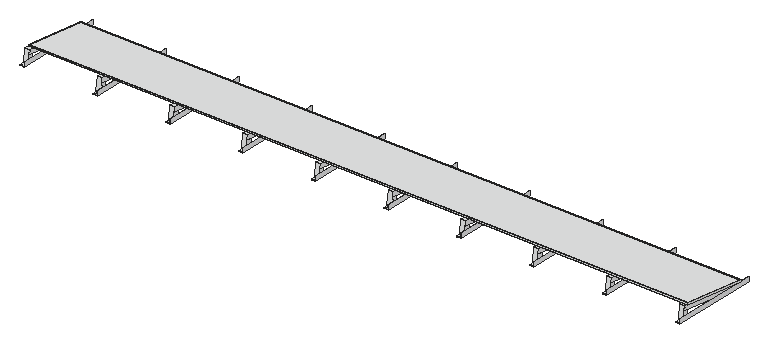
Revit family "Walkway_Kattsafe_Aluminium_Levelled", category Specialty Equipment, Revit 2025
Family settings
  Round Connector Dimension = Use Diameter
  Part Type = Normal
  OmniClass Number = 23.13.41.19
  Enable Cutting in Views = No
  Cut with Voids When Loaded = No
  Maintain Annotation Orientation = No
  Shared = No
  Room Calculation Point = No
Parameters (values of type "Type 1")
  WalkwayWidth = 600 mm  # constant formula
  WalkwayMaterial = Aluminum_Kattsafe_Mesh_Walkway
  WalkwayAngleEnd2 [instance] = 0.00°
  WalkwayAngleEnd1 [instance] = 0.00°
  Uniclass2015Version = "Products v1.23"
  Uniclass2015Title = "Working platforms"
  Uniclass2015Code = "Pr_40_70_75_96"
  URL = "https://kattsafe.com.au/"
  Type IFC Predefined Type = "USERDEFINED"
  Type Comments = "Aluminium Walkway - Levelled"
  SafetyDisclaimer [instance] = "WARNING! The correct placement of access, fall protection and facade maintenance systems is critical to ensure it is fit-for-purpose and safe for the operator to use. Did you know Kattsafe® have a dedicated team of Height Safety System Design Specialists? Kattsafe® provide one-on-one consultation and system design assistance to ensure you are meeting the stringent requirements of height safety and to give you PEACE OF MIND with your project."  # constant formula
  RoofPitchCalc [instance] = if(1 = 1, RoofPitch + 90.00°, 0.00°)  # 97.00°
  RoofPitch [instance] = 7.00°
  ModifiedIssue = 20240430
  Model = "GW9"
  FrameMaterial = Aluminum_Kattsafe_Satin
  ManufacturerURLProductSpecific = "https://kattsafe.com.au/products/guardrails-walkway/guardrail-only-gw"
  ManufacturerSpecCode = Model  # "GW9"
  ManufacturerOverallWidth = WalkwayWidth + 180 mm  # 780 mm
  ManufacturerOverallLength [instance] = [built-in parameter 1001306]  # 6000 mm
  Manufacturer = "Kattsafe®"  # constant formula
  built-in parameter 1001306 [instance] = 6000 mm
  IfcExportType = "USERDEFINED"
  IfcExportAs = "IfcBuildingElementProxy"
  Export Type to IFC As = "IfcBuildingElementProxy"
  ElementType = "Roof Walkway"
  Description = "Kattsafe guardrail systems are the preferred method of safe access across roofs and areas close to a fall edge. The system requires no specialist PPE, personnel or training to safely prevent a fall with a walkway to designate a safe path of access across the roof surface."  # constant formula
  Default Elevation = 0 mm
  CreatedBy = "IGS BIM Solutions"  # constant formula
  CreatedByURL = "https://igsgroup.com.au"
  BattensSingleOption [instance] = if(and(BattensArrayNumberOf < 2, [built-in parameter 1001306] > 669 mm), 1 > 0, 1 < 0)  # no
  BattensOffsetLength [instance] = ([built-in parameter 1001306] - 30 mm) / (BattensArrayNumberOf + 1)  # 663.333 mm
  BattensEnd2Option [instance] = if(WalkwayAngleEnd2 > 0.00°, 1 < 0, 1 > 0)  # yes
  BattensArrayOption [instance] = if(BattensArrayNumberOf < 2, 1 < 0, 1 > 0)  # yes
  BattensArrayNumberOfCalc3 [instance] = if(BattensArrayNumberOf < 2, 2, BattensArrayNumberOf)  # 8
  BattensArrayNumberOf [instance] = if(BattensArrayNumberOfCalc2 < BattensArrayNumberOfCalc, rounddown(BattensArrayNumberOfCalc2), BattensArrayNumberOfCalc)  # 8
  BattensArrayNumberOfCalc2 [instance] = if(1 = 1, [built-in parameter 1001306] / 670 mm, 0)  # 8.9552
  BattensArrayNumberOfCalc [instance] = if(1 = 1, [built-in parameter 1001306] / 670 mm, 0)  # 9
  BattensActualNumberOf [instance] = BattensArrayNumberOf + 2  # 10
  BattensEnd1Option [instance] = if(WalkwayAngleEnd1 > 0.00°, 1 < 0, 1 > 0)  # yes
  Assembly Code = "E1090100"
Reference planes
  plane 1 "Walkway_Front": y = 0
  plane 2 "Bottom": z = 0
  plane 3 "Left": x = 0
  plane 4 "Right": x = 6000
  plane 5 "Walkway_Bottom": z = 40
  plane 6 "Center (Left/Right)": x = 3000
  plane 7 "Left_Calc": x = 0
  plane 8 "Right_Calc": x = 6000
  plane 9 "Front": y = -82
  plane 10 "Batten_Array_Left": x = 663.333
  plane 11 "Batten_Array_Right": x = 5336.667
  plane 12 "Back": y = 698
  plane 13 "Batten_Angled_Bottom": y = -40
Lines and regions (mm)
  reference lines
    curve 1: line (0, 0, 0) -> (6000, 0, 0)
    curve 2: line (0, 0, 0) -> (0.961, 0, 0)
    curve 3: line (6000, 0, 0) -> (5998.961, 0, 0)
    curve 4: line (0, -40, 0) -> (0, -25.542, 117.753)
    curve 5: line (0, 607.703, 40) -> (0, -25.542, 117.753)
Text (mm)
  text "Disclaimer:\nDue to ongoing product development and manufacturing \nevolution, product details are subject to change without \nnotice. Please refer to product technical data sheets on \nthe manufacturers website for the most current product \ninformation. Please allow a +/- 5mm manufacturing \ntolerance for dimensions and set-outs shown in product \nliterature." at (8280.43, 2349.183, 0), in view "Ref. Level"
Dimensions and locks
  "built-in parameter 1001306": plane 3 "Left" to plane 4 "Right"
  equal spacing: plane 3 "Left", plane 6 "Center (Left/Right)", plane 4 "Right"
  locked: plane 5 "Walkway_Bottom" to plane 2 "Bottom" at 40
  locked: plane 3 "Left" to plane 7 "Left_Calc"
  locked: plane 8 "Right_Calc" to plane 4 "Right"
  "BattensOffsetLength": plane 7 "Left_Calc" to plane 10 "Batten_Array_Left"
  "BattensOffsetLength": plane 4 "Right" to plane 11 "Batten_Array_Right"
  equal spacing: group 1, group 3, group 4, group 5, group 6, group 7, group 8, group 2  (x2)
  equal spacing: group 2, group 8, group 7, group 6, group 5, group 4, group 3, group 1
  "ManufacturerOverallWidth": plane 12 "Back" to plane 9 "Front"
  locked: curve 4 to curve 5 at 638
  locked: curve 4 to nested 12 at 38
  locked: plane 1 "Walkway_Front" to plane 13 "Batten_Angled_Bottom" at 40
  locked: plane 13 "Batten_Angled_Bottom" to plane 9 "Front" at 42
  "RoofPitchCalc": angle plane 2 "Bottom" to curve 4
  "RoofPitch": angle plane 5 "Walkway_Bottom" to curve 5
  aligned and locked: plane 4 "Right" to curve 1
  aligned and locked: plane 1 "Walkway_Front" to curve 1
  aligned and locked: plane 3 "Left" to curve 1
  aligned and locked: level to plane 2 "Bottom"
  aligned and locked: plane 4 "Right" to curve 3
  aligned and locked: plane 2 "Bottom" to nested 1
  aligned and locked: plane 2 "Bottom" to nested 2
  aligned and locked: plane 2 "Bottom" to nested 3
  aligned and locked: plane 7 "Left_Calc" to nested 2
  aligned and locked: plane 10 "Batten_Array_Left" to nested 1
  aligned and locked: plane 8 "Right_Calc" to nested 3
  aligned and locked: plane 11 "Batten_Array_Right" to nested 5
  aligned and locked: plane 10 "Batten_Array_Left" to nested 4
  aligned and locked: plane 1 "Walkway_Front" to nested 2
  aligned and locked: plane 1 "Walkway_Front" to nested 4
  aligned and locked: plane 1 "Walkway_Front" to nested 1
  aligned and locked: plane 1 "Walkway_Front" to nested 5
  aligned and locked: plane 1 "Walkway_Front" to nested 3
  aligned and locked: plane 5 "Walkway_Bottom" to curve 5
  aligned and locked: plane 13 "Batten_Angled_Bottom" to curve 4
  aligned and locked: plane 2 "Bottom" to curve 4
  aligned and locked: plane 7 "Left_Calc" to nested 12
  aligned and locked: plane 8 "Right_Calc" to nested 12
Automatic sketch dimensions
  plane 3 "Left" to curve 2 = 0.961 mm
  curve 3 to plane 4 "Right" = 1.039 mm
  curve 2 to plane 3 "Left" = 0 mm
  plane 1 "Walkway_Front" to curve 3 = 0 mm
  plane 1 "Walkway_Front" to curve 2 = 0 mm
Nested families
  nested 1: "z_Walkway_LevelledBatten_Kattsafe" at (709.118, -2, 0), visible <- "BattensArrayOption", RoofPitch <- "RoofPitch", Material <- "FrameMaterial", type "GW324"
    with RoofPitch_Calc 97.00°, RoofPitch 7.00°, Material Aluminum_Kattsafe_Satin
  nested 2: "z_Walkway_LevelledBatten_Kattsafe" at (45.785, -2, 0), RoofPitch <- "RoofPitch", visible <- "BattensEnd1Option", Material <- "FrameMaterial", type "GW324"
    with RoofPitch_Calc 97.00°, RoofPitch 7.00°, Material Aluminum_Kattsafe_Satin
  nested 3: "z_Walkway_LevelledBatten_Kattsafe" at (6005.785, -2, 0), RoofPitch <- "RoofPitch", visible <- "BattensEnd2Option", Material <- "FrameMaterial", type "GW324"
    with RoofPitch_Calc 97.00°, RoofPitch 7.00°, Material Aluminum_Kattsafe_Satin
  nested 4: "z_Walkway_LevelledBatten_Kattsafe" at (709.118, -2, 0), visible <- "BattensSingleOption", RoofPitch <- "RoofPitch", Material <- "FrameMaterial", type "GW324"
    with RoofPitch_Calc 97.00°, RoofPitch 7.00°, Material Aluminum_Kattsafe_Satin
  nested 5: "z_Walkway_LevelledBatten_Kattsafe" at (5342.451, -2, 0), visible <- "BattensArrayOption", RoofPitch <- "RoofPitch", Material <- "FrameMaterial", type "GW324"
    with RoofPitch_Calc 97.00°, RoofPitch 7.00°, Material Aluminum_Kattsafe_Satin
  nested 6: "z_Walkway_LevelledBatten_Kattsafe" at (1371.023, -2, 0), visible <- "BattensArrayOption", RoofPitch <- "RoofPitch", Material <- "FrameMaterial", type "GW324"
    with RoofPitch_Calc 97.00°, RoofPitch 7.00°, Material Aluminum_Kattsafe_Satin
  nested 7: "z_Walkway_LevelledBatten_Kattsafe" at (2032.927, -2, 0), visible <- "BattensArrayOption", RoofPitch <- "RoofPitch", Material <- "FrameMaterial", type "GW324"
    with RoofPitch_Calc 97.00°, RoofPitch 7.00°, Material Aluminum_Kattsafe_Satin
  nested 8: "z_Walkway_LevelledBatten_Kattsafe" at (2694.832, -2, 0), visible <- "BattensArrayOption", RoofPitch <- "RoofPitch", Material <- "FrameMaterial", type "GW324"
    with RoofPitch_Calc 97.00°, RoofPitch 7.00°, Material Aluminum_Kattsafe_Satin
  nested 9: "z_Walkway_LevelledBatten_Kattsafe" at (3356.737, -2, 0), visible <- "BattensArrayOption", RoofPitch <- "RoofPitch", Material <- "FrameMaterial", type "GW324"
    with RoofPitch_Calc 97.00°, RoofPitch 7.00°, Material Aluminum_Kattsafe_Satin
  nested 10: "z_Walkway_LevelledBatten_Kattsafe" at (4018.642, -2, 0), visible <- "BattensArrayOption", RoofPitch <- "RoofPitch", Material <- "FrameMaterial", type "GW324"
    with RoofPitch_Calc 97.00°, RoofPitch 7.00°, Material Aluminum_Kattsafe_Satin
  nested 11: "z_Walkway_LevelledBatten_Kattsafe" at (4680.546, -2, 0), visible <- "BattensArrayOption", RoofPitch <- "RoofPitch", Material <- "FrameMaterial", type "GW324"
    with RoofPitch_Calc 97.00°, RoofPitch 7.00°, Material Aluminum_Kattsafe_Satin
  nested 12: "z_Walkway_Kattsafe_Aluminium" at (25.785, 309.939, 76.561) x (1, 0, 0) z (0, 0.1219, 0.9925), ManufacturerOverallWidth <- "WalkwayWidth", Material <- "FrameMaterial", End1_Angle <- "WalkwayAngleEnd1", End2_Angle <- "WalkwayAngleEnd2", WalkwayMaterial <- "WalkwayMaterial", type "GW335.6000"
    with WalkwayMaterial Aluminum_Kattsafe_Mesh_Walkway, Material Aluminum_Kattsafe_Satin, ManufacturerOverallWidth 600 mm, ManufacturerOverallLength 6000 mm, End2_Angle_Calc 90.00°, End2_Angle 0.00°, End1_Angle_Calc 90.00°, End1_Angle 0.00°
Definition of nested family "z_Walkway_LevelledBatten_Kattsafe"
  Parameters (values of type "GW324")
    URL = "https://kattsafe.com.au/"
    Type Comments = ""
    RoofPitch_Calc [instance] = if(1 = 1, RoofPitch + 90.00°, 0.00°)  # 110.00°
    RoofPitch [instance] = 20.00°
    ModifiedIssue = 20190910
    Model = "GW324S"
    Material [instance] = none
    ManufacturerURLProductSpecific = ""
    ManufacturerSpecCode = Model  # "GW324S"
    ManufacturerOverallWidth = 40 mm
    ManufacturerOverallDepth = 780 mm  # constant formula
    Manufacturer = "SAYFA"  # constant formula
    Keynote = ""
    Description = "Pace 600 Walkway Support Batten (Levelled)"
    Default Elevation = 0 mm  # constant formula
    CreatedBy = "IGS BIM Solutions"  # constant formula
    CreatedByURL = "https://igsgroup.com.au"
  Reference planes
    plane 1 "Bottom": z = 0
    plane 2 "Post_Back": y = 2
    plane 3 "Post_Front": y = -38
    plane 4 "Center (Left/Right)": x = -25.785
    plane 5 "Front": y = -80
    plane 6 "Base Channel_Top": z = 40
    plane 7 "Post_Centre (Front/Back)": y = -18
    plane 8 "Left": x = -45.785
    plane 9 "Right": x = -5.785
    plane 10 "Back": y = 700
  Forms (mm)
    Sweep 1, solid, material <- "Material"
      path origin (-25.785, 0, 0) x (0, 1, 0) y (0, 0, 1)
        loop
          line (700, 40) -> (-80, 40)
      profile origin (-25.785, 310, 40) x (0, 0, -1) y (1, 0, 0)
        loop
          line (40, -20) -> (40, 20) -> (0, 20) -> (0, 17) -> (37, 17) -> (37, -20) -> (40, -20)
    Sweep 2, solid, material <- "Material"
      path origin (-25.785, 0, 0) x (0, 1, 0) y (0, 0, 1)
        loop
          line (-39.042, -2.863) -> (55.98, 258.209)
      profile origin (-25.785, 8.469, 127.673) x (0, -0.939693, 0.34202) y (1, 0, 0)
        loop
          line (0, 14) -> (-40, 14) -> (-40, 11) -> (-3, 11) -> (-3, -26) -> (0, -26) -> (0, 14)
    SweptBlend 3, solid, material <- "Material"
      path origin (-25.785, 0, 0) x (0, 1, 0) y (0, 0, 1)
        loop
          line (655.504, 40) -> (55.98, 258.209)
      profile origin (-25.785, 655.504, 40) x (0, -0.34202, -0.939693) y (1, 0, 0)
        loop
          line (0, -23) -> (3, -23) -> (3, 14) -> (40, 14) -> (40, 17) -> (0, 17) -> (0, -23)
      end profile origin (-25.785, 55.98, 258.209) x (0, -0.34202, -0.939693) y (1, 0, 0)
        loop
          line (0, -23) -> (3, -23) -> (3, 14) -> (40, 14) -> (40, 17) -> (0, 17) -> (0, -23)
    Extrusion 4, void
      sketch origin (-25.785, 0, 0) x (0, 1, 0) y (0, 0, 1)
        loop
          line (700, 3) -> (-80, 3) -> (-80, -39.463) -> (700, -39.463) -> (700, 3)
      from -69.456 to 20
  Cuts and joins
    Extrusion 4 cuts Sweep 2
    joined: Sweep 2, SweptBlend 3
  Lines and regions (mm)
    reference lines
      curve 1: line (-25.785, -38, 0) -> (-25.785, 55.98, 258.209)
      curve 2: line (-25.785, 655.504, 40) -> (-25.785, 55.98, 258.209)
  Dimensions and locks
    plane 6 "Base Channel_Top" to plane 1 "Bottom" = 40 mm
    equal spacing: plane 3 "Post_Front", plane 7 "Post_Centre (Front/Back)", plane 2 "Post_Back"
    equal spacing: plane 8 "Left", plane 4 "Center (Left/Right)", plane 9 "Right"
    "ManufacturerOverallWidth": plane 8 "Left" to plane 9 "Right"
    locked: plane 3 "Post_Front" to plane 5 "Front" at 42
    locked: plane 2 "Post_Back" to plane 3 "Post_Front" at 40
    locked: curve 1 to curve 2 at 638
    locked: curve 1 to SweptBlend 3 sketch curve at 0
    locked: Sweep 1 sketch curve to plane 9 "Right" at 3
    locked: Sweep 1 sketch curve to plane 1 "Bottom" at 3
    locked: curve 1 to Sweep 2 sketch curve at 3.046
    "ManufacturerOverallDepth": plane 10 "Back" to plane 5 "Front"
    locked: Sweep 2 sketch curve to curve 2 at 0
    locked: Extrusion 4 sketch curve to plane 1 "Bottom" at 3
    locked: plane 1 "Bottom" to Extrusion 4 sketch curve at 39.463
    "RoofPitch_Calc": angle plane 1 "Bottom" to curve 1
    "RoofPitch": angle plane 1 "Bottom" to curve 2
    aligned and locked: level to plane 1 "Bottom"
    aligned and locked: plane 10 "Back" to Sweep 1 sketch curve
    aligned and locked: plane 3 "Post_Front" to curve 1
    aligned and locked: plane 1 "Bottom" to curve 1
    aligned and locked: Sweep 2 sketch curve to curve 1
    aligned and locked: profile plane to Sweep 2 sketch curve
    aligned and locked: plane 6 "Base Channel_Top" to curve 2
    aligned and locked: SweptBlend 3 sketch curve to curve 2
    aligned and locked: plane 8 "Left" to Sweep 1 sketch curve
    aligned and locked: Sweep 1 sketch curve to plane 6 "Base Channel_Top"
    aligned and locked: Sweep 1 sketch curve to plane 9 "Right"
    aligned and locked: plane 5 "Front" to Extrusion 4 sketch curve
    aligned and locked: Extrusion 4 sketch curve to plane 10 "Back"
  Automatic sketch dimensions
    Sweep 1 sketch curve to plane 5 "Front" = 0 mm
    plane 6 "Base Channel_Top" to Sweep 1 sketch curve = 0 mm
    Sweep 1 sketch curve to Sweep 1 sketch curve = 3 mm
    profile plane to Sweep 2 sketch curve = 3 mm
    plane 4 "Center (Left/Right)" to Sweep 2 sketch curve = 11 mm
    Sweep 2 sketch curve to Sweep 2 sketch curve = 37 mm
    Sweep 2 sketch curve to plane 4 "Center (Left/Right)" = 26 mm
    Sweep 2 sketch curve to Sweep 2 sketch curve = 3 mm
    SweptBlend 3 sketch curve to profile plane = 0 mm
    SweptBlend 3 sketch curve to profile plane = 3 mm  (x2)
    SweptBlend 3 sketch curve to SweptBlend 3 sketch curve = 37 mm  (x2)
    SweptBlend 3 sketch curve to plane 4 "Center (Left/Right)" = 23 mm  (x2)
    plane 4 "Center (Left/Right)" to SweptBlend 3 sketch curve = 14 mm  (x2)
    SweptBlend 3 sketch curve to SweptBlend 3 sketch curve = 3 mm  (x2)
    profile plane to SweptBlend 3 sketch curve = 0 mm
    plane 6 "Base Channel_Top" to SweptBlend 3 sketch curve = 0 mm
Definition of nested family "z_Walkway_Kattsafe_Aluminium"
  Parameters (values of type "GW335.6000")
    WalkwayMaterial [instance] = none
    URL = "https://kattsafe.com.au/"
    Type Comments = ""
    ModifiedIssue = 20190911
    Model = "GW335.6000"
    Material [instance] = none
    ManufacturerURLProductSpecific = ""
    ManufacturerSpecCode = Model  # "GW335.6000"
    ManufacturerOverallWidth [instance] = 600 mm
    ManufacturerOverallLength [instance] = 6000 mm
    ManufacturerOverallHeight = 13 mm  # constant formula
    Manufacturer = "SAYFA"  # constant formula
    Keynote = ""
    End2_Angle_Calc [instance] = if(1 = 1, End2_Angle + 90.00°, 0.00°)  # 90.00°
    End2_Angle [instance] = 0.00°
    End1_Angle_Calc [instance] = if(1 = 1, End1_Angle + 90.00°, 0.00°)  # 90.00°
    End1_Angle [instance] = 0.00°
    Description = "Pace 600 Aluminium Walkway Mesh"
    Default Elevation = 0 mm  # constant formula
    CreatedBy = "IGS BIM Solutions"  # constant formula
    CreatedByURL = "https://igsgroup.com.au"
  Reference planes
    plane 1 "Bottom": z = 0
    plane 2 "Center (Front/Back)": y = 0
    plane 3 "Front": y = -300
    plane 4 "Left": x = -25.785
    plane 5 "Center (Left/Right)": x = 2974.215
    plane 6 "Top": z = 13
    plane 7 "Right": x = 5974.215
    plane 8 "Back": y = 300
    plane 9 "InsetBack": y = 299
    plane 10 "InsetFront": y = -299
  Forms (mm)
    Extrusion 1, solid, material <- "Material"
      sketch origin (0, 0, 0) x (1, 0, 0) y (0, 1, 0)
        loop
          line (-25.785, 300) -> (-25.785, -300) -> (5974.215, -300) -> (5974.215, 300) -> (-25.785, 300)
        loop
          line (-24.785, 299) -> (-24.785, -299) -> (5973.215, -299) -> (5973.215, 299) -> (-24.785, 299)
      from 0 to 13
    Extrusion 2, solid, material <- "WalkwayMaterial"
      sketch origin (0, 0, 0) x (1, 0, 0) y (0, 1, 0)
        loop
          line (-24.785, 299) -> (-24.785, -299) -> (5973.215, -299) -> (5973.215, 299) -> (-24.785, 299)
      from 0 to 13
  Lines and regions (mm)
    reference lines
      curve 1: line (-25.785, -300, 0) -> (-25.785, 300, 0)
      curve 2: line (5974.215, -300, 0) -> (5974.215, 300, 0)
      curve 3: line (-24.785, 300, 0) -> (-24.785, -300, 0)
      curve 4: line (5973.215, -300, 0) -> (5973.215, 300, 0)
  Dimensions and locks
    "ManufacturerOverallWidth": plane 8 "Back" to plane 3 "Front"
    "ManufacturerOverallHeight": plane 6 "Top" to plane 1 "Bottom"
    equal spacing: plane 4 "Left", plane 5 "Center (Left/Right)", plane 7 "Right"
    "ManufacturerOverallLength": plane 4 "Left" to plane 7 "Right"
    equal spacing: plane 8 "Back", plane 2 "Center (Front/Back)", plane 3 "Front"
    locked: plane 9 "InsetBack" to plane 8 "Back" at 1
    locked: plane 10 "InsetFront" to plane 3 "Front" at 1
    locked: curve 3 to curve 1 at 1
    locked: curve 2 to curve 4 at 1
    "End1_Angle_Calc": angle curve 1 to plane 3 "Front"
    "End2_Angle_Calc": angle plane 3 "Front" to curve 2
    "End1_Angle_Calc": angle curve 3 to plane 3 "Front"
    "End2_Angle_Calc": angle plane 3 "Front" to curve 4
    aligned and locked: plane 1 "Bottom" to level
    aligned and locked: Extrusion 1 to plane 3 "Front"
    aligned and locked: Extrusion 1 to plane 8 "Back"
    aligned and locked: Extrusion 1 to plane 1 "Bottom"
    aligned and locked: Extrusion 1 to plane 6 "Top"
    aligned and locked: plane 4 "Left" to curve 1
    aligned and locked: plane 3 "Front" to curve 1
    aligned and locked: plane 8 "Back" to curve 1
    aligned and locked: plane 7 "Right" to curve 2
    aligned and locked: plane 3 "Front" to curve 2
    aligned and locked: plane 8 "Back" to curve 2
    aligned and locked: plane 9 "InsetBack" to Extrusion 1 sketch curve
    aligned and locked: plane 10 "InsetFront" to Extrusion 1 sketch curve
    aligned and locked: plane 9 "InsetBack" to Extrusion 2 sketch curve
    aligned and locked: plane 10 "InsetFront" to Extrusion 2 sketch curve
    aligned and locked: Extrusion 2 to plane 6 "Top"
    aligned and locked: Extrusion 2 to plane 1 "Bottom"
    aligned and locked: plane 3 "Front" to curve 3
    aligned and locked: plane 8 "Back" to curve 3
    aligned and locked: plane 3 "Front" to curve 4
    aligned and locked: plane 8 "Back" to curve 4
    aligned and locked: Extrusion 2 sketch curve to curve 4
    aligned and locked: Extrusion 2 sketch curve to curve 3
    aligned and locked: Extrusion 1 sketch curve to curve 3
    aligned and locked: Extrusion 1 sketch curve to curve 1
    aligned and locked: Extrusion 1 sketch curve to curve 4
    aligned and locked: Extrusion 1 sketch curve to curve 2
  Automatic sketch dimensions
    plane 8 "Back" to Extrusion 1 sketch curve = 0 mm
    Extrusion 1 sketch curve to plane 3 "Front" = 0 mm
